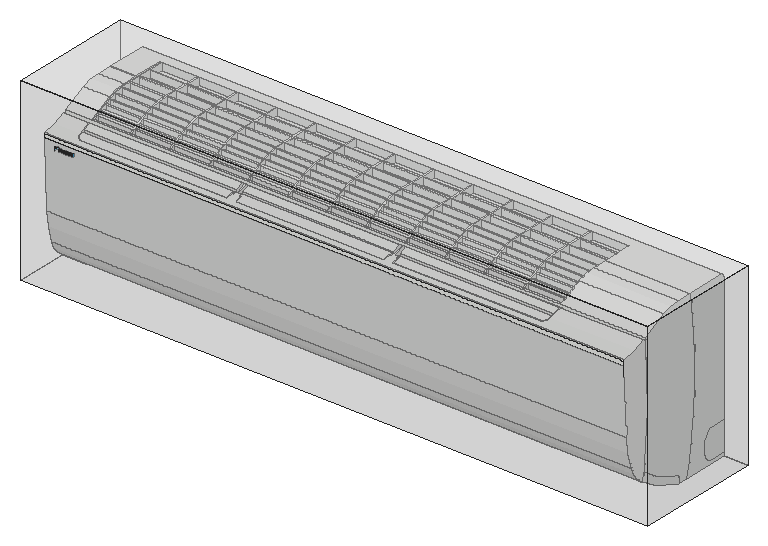
Revit family "outputfile", category 機械設備, Revit 2024
Family settings
  丸型コネクタ寸法 = 半径を使用
  パーツ タイプ = 標準
  OmniClass 番号 = 23.75.10.24.21.27.27
  OmniClass タイトル = Split System Air Conditioning Units
  作業面ベース = いいえ
  常に垂直 = はい
  ロード時にボイドで切り取り = いいえ
  注釈の向きを維持 = いいえ
  共有 = いいえ
  部屋計算ポイント = いいえ
Parameters (values of type "CTXM95RVMA")
  Description = ""
  書き出し IFC クラス(タイプ) = "IfcUnitaryEquipmentType"
  定義済み IFC タイプ(タイプ) = "AIRCONDITIONINGUNIT"
  Cost = 0
  Type Comments = ""
  Keynote = ""
  Type Image = (empty or 0)
  Assembly Code = ""
  w_wall hole = if(Width = 770.0 mm, 48.0 mm, if(Width = 990.0 mm, 60.0 mm, 89.0 mm))  # 89.0 mm
  製造元 = "Daikin"
  モデル = "CTXM95RVMA"
  switch_frequency = yes
  r_Liquid Pipe Size = Liquid Pipe Size / 2  # 3.2 mm
  r_Gas Pipe Size = Gas Pipe Size / 2  # 7.95 mm
  r_Drain Pipe Size = Drain Pipe Size / 2  # 8.0 mm
  lw_powersupply [instance] = if(Width = 770.0 mm, if(or(Rear Right Connection_refrigerant, Bottom Right Connection_refrigerant), 25.0 mm, if(or(Rear Left Connection_refrigerant, Bottom Left Connection_refrigerant), 745.0 mm, 400.0 mm)), if(Width = 990.0 mm, if(or(Rear Right Connection_refrigerant, Bottom Right Connection_refrigerant), 40.0 mm, if(or(Rear Left Connection_refrigerant, Bottom Left Connection_refrigerant), 920.0 mm, 400.0 mm)), if(Width = 1200.0 mm, if(or(Rear Right Connection_refrigerant, Bottom Right Connection_refrigerant), 89.0 mm - 19.0 mm, if(or(Rear Left Connection_refrigerant, Bottom Left Connection_refrigerant), 675.0 mm + (990.0 mm - 770.0 mm) + 145.0 mm + 22.0 mm + 89.0 mm, 400.0 mm)), if(or(Rear Right Connection_refrigerant, Bottom Right Connection_refrigerant), 89.0 mm - 19.0 mm, if(or(Rear Left Connection_refrigerant, Bottom Left Connection_refrigerant), 675.0 mm + (990.0 mm - 770.0 mm) + 145.0 mm + 22.0 mm + 89.0 mm, 400.0 mm)))))  # 400.0 mm
  lw_liquidpipe [instance] = if(Width = 770.0 mm, if(or(Rear Right Connection_refrigerant, Bottom Right Connection_refrigerant), 0.0 mm, if(or(Rear Left Connection_refrigerant, Bottom Left Connection_refrigerant), 664.0 mm, 385.0 mm)), if(Width = 990.0 mm, if(or(Rear Right Connection_refrigerant, Bottom Right Connection_refrigerant), 0.0 mm, if(or(Rear Left Connection_refrigerant, Bottom Left Connection_refrigerant), 664.0 mm + (990.0 mm - 770.0 mm), 475.0 mm)), if(Width = 1200.0 mm, if(or(Rear Right Connection_refrigerant, Bottom Right Connection_refrigerant), 0.0 mm, if(or(Rear Left Connection_refrigerant, Bottom Left Connection_refrigerant), 664.0 mm + (990.0 mm - 770.0 mm) + 145.0 mm, 460.0 mm)), if(or(Rear Right Connection_refrigerant, Bottom Right Connection_refrigerant), 0.0 mm, if(or(Rear Left Connection_refrigerant, Bottom Left Connection_refrigerant), 664.0 mm + (990.0 mm - 770.0 mm) + 145.0 mm, 460.0 mm)))))  # 460.0 mm
  lw_gaspipe [instance] = if(Width = 770.0 mm, if(or(Rear Right Connection_refrigerant, Bottom Right Connection_refrigerant), 0.0 mm, if(or(Rear Left Connection_refrigerant, Bottom Left Connection_refrigerant), 675.0 mm, if(Gas Pipe Size = 12.7 mm, 345.0 mm, 335.0 mm))), if(Width = 990.0 mm, if(or(Rear Right Connection_refrigerant, Bottom Right Connection_refrigerant), 10.0 mm, if(or(Rear Left Connection_refrigerant, Bottom Left Connection_refrigerant), 890.0 mm, if(Gas Pipe Size = 15.9 mm, 410.0 mm, 400.0 mm))), if(Width = 1200.0 mm, if(or(Rear Right Connection_refrigerant, Bottom Right Connection_refrigerant), 10.0 mm, if(or(Rear Left Connection_refrigerant, Bottom Left Connection_refrigerant), 675.0 mm + (990.0 mm - 770.0 mm) + 145.0 mm, 400.0 mm)), if(or(Rear Right Connection_refrigerant, Bottom Right Connection_refrigerant), 10.0 mm, if(or(Rear Left Connection_refrigerant, Bottom Left Connection_refrigerant), 675.0 mm + (990.0 mm - 770.0 mm) + 145.0 mm, 400.0 mm)))))  # 400.0 mm
  lw_drainpipe [instance] = if(Width = 770.0 mm, if(or(Rear Right Connection_refrigerant, Bottom Right Connection_refrigerant), 0.0 mm, if(or(Rear Left Connection_refrigerant, Bottom Left Connection_refrigerant), 770.0 mm - 48.0 mm - 48.0 mm, 440.0 mm)), if(Width = 990.0 mm, if(or(Rear Right Connection_refrigerant, Bottom Right Connection_refrigerant), 0.0 mm, if(or(Rear Left Connection_refrigerant, Bottom Left Connection_refrigerant), 675.0 mm + (990.0 mm - 770.0 mm), 435.0 mm)), if(Width = 1200.0 mm, if(or(Rear Right Connection_refrigerant, Bottom Right Connection_refrigerant), 0.0 mm, if(or(Rear Left Connection_refrigerant, Bottom Left Connection_refrigerant), 675.0 mm + (990.0 mm - 770.0 mm) + 145.0 mm, 465.0 mm)), if(or(Rear Right Connection_refrigerant, Bottom Right Connection_refrigerant), 0.0 mm, if(or(Rear Left Connection_refrigerant, Bottom Left Connection_refrigerant), 675.0 mm + (990.0 mm - 770.0 mm) + 145.0 mm, 465.0 mm)))))  # 465.0 mm
  l_powersupply_length [instance] = if(Width = 770.0 mm, if(Right Connection_refrigerant, 400.0 mm, if(Left Connection_refrigerant, 770.0 mm - 400.0 mm, if(or(Rear Left Connection_refrigerant, Rear Right Connection_refrigerant), 15.0 mm, 50.0 mm))), if(Width = 990.0 mm, if(Right Connection_refrigerant, 400.0 mm, if(Left Connection_refrigerant, 990.0 mm - 400.0 mm, if(or(Rear Left Connection_refrigerant, Rear Right Connection_refrigerant), 15.0 mm, 50.0 mm))), if(Width = 1200.0 mm, if(Right Connection_refrigerant, 400.0 mm, if(Left Connection_refrigerant, 1200.0 mm - 400.0 mm, if(or(Rear Left Connection_refrigerant, Rear Right Connection_refrigerant), 15.0 mm, 50.0 mm))), if(Right Connection_refrigerant, 400.0 mm, if(Left Connection_refrigerant, 1200.0 mm - 400.0 mm, if(or(Rear Left Connection_refrigerant, Rear Right Connection_refrigerant), 15.0 mm, 50.0 mm))))))  # 400.0 mm
  l_liquidpipe_length [instance] = if(Width = 770.0 mm, if(Right Connection_refrigerant, 433.0 mm, if(Left Connection_refrigerant, 337.0 mm, if(or(Rear Left Connection_refrigerant, Rear Right Connection_refrigerant), 30.0 mm, 40.0 mm))), if(Width = 990.0 mm, if(Right Connection_refrigerant, 535.0 mm, if(Left Connection_refrigerant, 455.0 mm, if(or(Rear Left Connection_refrigerant, Rear Right Connection_refrigerant), 30.0 mm, 40.0 mm))), if(Width = 1200.0 mm, if(Right Connection_refrigerant, 549.0 mm, if(Left Connection_refrigerant, 1200.0 mm - 549.0 mm, if(or(Rear Left Connection_refrigerant, Rear Right Connection_refrigerant), 30.0 mm, 40.0 mm))), if(Right Connection_refrigerant, 549.0 mm, if(Left Connection_refrigerant, 1200.0 mm - 549.0 mm, if(or(Rear Left Connection_refrigerant, Rear Right Connection_refrigerant), 30.0 mm, 40.0 mm))))))  # 549.0 mm
  l_gaspipe_length [instance] = if(Width = 770.0 mm, if(Right Connection_refrigerant, if(Gas Pipe Size = 12.7 mm, 393.0 mm, 383.0 mm), if(Left Connection_refrigerant, if(Gas Pipe Size = 12.7 mm, 770.0 mm - 393.0 mm, 770.0 mm - 383.0 mm), if(or(Rear Left Connection_refrigerant, Rear Right Connection_refrigerant), 40.0 mm, 50.0 mm))), if(Width = 990.0 mm, if(Right Connection_refrigerant, if(Gas Pipe Size = 15.9 mm, 470.0 mm, 460.0 mm), if(Left Connection_refrigerant, if(Gas Pipe Size = 15.9 mm, 990.0 mm - 470.0 mm, 990.0 mm - 460.0 mm), if(or(Rear Left Connection_refrigerant, Rear Right Connection_refrigerant), 40.0 mm, 50.0 mm))), if(Width = 1200.0 mm, if(Right Connection_refrigerant, 489.0 mm, if(Left Connection_refrigerant, 1200.0 mm - 489.0 mm, if(or(Rear Left Connection_refrigerant, Rear Right Connection_refrigerant), 40.0 mm, 50.0 mm))), if(Right Connection_refrigerant, 489.0 mm, if(Left Connection_refrigerant, 1200.0 mm - 489.0 mm, if(or(Rear Left Connection_refrigerant, Rear Right Connection_refrigerant), 40.0 mm, 50.0 mm))))))  # 489.0 mm
  l_drainpipe_length [instance] = if(Width = 770.0 mm, if(Right Connection_refrigerant, 488.0 mm, if(Left Connection_refrigerant, 282.0 mm, if(or(Rear Left Connection_refrigerant, Rear Right Connection_refrigerant), 15.0 mm, 20.0 mm))), if(Width = 990.0 mm, if(Right Connection_refrigerant, 495.0 mm, if(Left Connection_refrigerant, 495.0 mm, if(or(Rear Left Connection_refrigerant, Rear Right Connection_refrigerant), 15.0 mm, 20.0 mm))), if(Width = 1200.0 mm, if(Right Connection_refrigerant, 554.0 mm, if(Left Connection_refrigerant, 1200.0 mm - 554.0 mm, if(or(Rear Left Connection_refrigerant, Rear Right Connection_refrigerant), 15.0 mm, 20.0 mm))), if(Right Connection_refrigerant, 554.0 mm, if(Left Connection_refrigerant, 1200.0 mm - 554.0 mm, if(or(Rear Left Connection_refrigerant, Rear Right Connection_refrigerant), 15.0 mm, 20.0 mm))))))  # 554.0 mm
  h*** = 0.0 mm  # constant formula
  connector_voltage = Voltage_50Hz  # 230 V
  connector_powerinput = if([Power Input (Cooling)] > [Power Input (Heating)], [Power Input (Cooling)], [Power Input (Heating)])  # 0.000 kW
  connector_phase = Phase_50Hz  # 1
  angle_vertical [instance] = if(or(Bottom Left Connection_refrigerant, Bottom Right Connection_refrigerant), 0.00°, 90.00°)  # 90.00°
  angle_horizontal [instance] = if(Right Connection_refrigerant, 90.00°, if(Left Connection_refrigerant, -90.00°, if(or(Rear Left Connection_refrigerant, Rear Right Connection_refrigerant), 180.00°, 0.00°)))  # 90.00°
  Width = 1200.0 mm
  Voltage_comment_50Hz = "220 - 240"
  Voltage_50Hz = 230 V
  Version = "ver.1.0"
  Unit Type = "Wall Mounted"
  Unit Mass Weight = 18.00 kg
  Unit Designation [instance] = ""
  Uniclass2015Version = "Products v1.30"
  Uniclass2015Title = "Split coil room air conditioning units"
  Uniclass2015Code = "Pr_70_65_03_86"
  URL = ""
  Total Heating Capacity [instance] = 0.000 kW
  Total Cooling Capacity [instance] = 0.000 kW
  Sound Pressure Level_M speed (dBA) = 48
  Sound Pressure Level_L speed (dBA) = 42
  Sound Pressure Level_H speed (dBA) = 53
  Sound Power Level_H speed (dB) = 0
  Series = "Multi Split_Fan Coil Unit"
  Sensible Cooling Capacity [instance] = 0.000 kW
  Refrigerant Type = "R32"
  Power Input (Heating) = 0.000 kW
  Power Input (Cooling) = 0.000 kW
  Phase_50Hz = 1
  Option Accessory 3 [instance] = ""
  Option Accessory 2 [instance] = ""
  Option Accessory 1 [instance] = ""
  Nominal Heating Capacity = 10.200 kW
  Nominal Cooling Capacity = 9.500 kW
  Minimum Circuit Amps_50Hz = 0.0 A
  Minimum Airflow = 1010.00 m³/h
  Median Airflow = 1220.00 m³/h
  Maximum Fuse Amps_50Hz = 0.0 A
  Maximum Airflow = 1440.00 m³/h
  Material_Casing = DAIKIN_White_Casing_indoorunit
  Load Classification = HVAC
  Liquid Pipe Size = 6.4 mm
  Link_Nested Family [instance] = ""
  IfcVersion = ""
  IfcExportType = "AIRCONDITIONINGUNIT"
  IfcExportAs = "IfcUnitaryEquipmentType"
  Height = 340.0 mm
  Heating Entering Wet Bulb Temperature [instance] = 0.00 °C
  Heating Entering Dry Bulb Temperature [instance] = 0.00 °C
  Heating Ambient Wet Bulb Temperature [instance] = 0.00 °C
  Heating Ambient Dry Bulb Temperature [instance] = 0.00 °C
  Heat Exchanger Type = "Cross Fin Coil"
  Gas Pipe Size = 15.9 mm
  Frequency_50Hz = 50 Hz
  Fan Type = "Cross Flow Fan"
  Fan Drive = "Direct Drive"
  FCU Tag No. [instance] = ""
  Drain Pipe Size = 16.0 mm
  Design Supply Airflow [instance] = 0.00 m³/h
  Depth = 259.0 mm
  既定の高さ = 0.0 mm
  Cooling Entering Wet Bulb Temperature [instance] = 0.00 °C
  Cooling Entering Dry Bulb Temperature [instance] = 0.00 °C
  Cooling Ambient Wet Bulb Temperature [instance] = 0.00 °C
  Cooling Ambient Dry Bulb Temperature [instance] = 0.00 °C
  Clearance visibility [instance] = yes
  Clearance Top = 30.0 mm
  Clearance Right = 50.0 mm
  Clearance Rear = 0.0 mm
  Clearance Left = 50.0 mm
  Clearance Front = 0.0 mm
  Clearance Bottom = 0.0 mm
  Bottom Right Connection_refrigerant [instance] = no
  Bottom Left Connection_refrigerant [instance] = no
  Rear Right Connection_refrigerant [instance] = no
  Rear Left Connection_refrigerant [instance] = no
  Right Connection_refrigerant [instance] = yes
  Left Connection_refrigerant [instance] = no
Reference planes
  plane 1 "Back": y = 0
  plane 2: z = 0
  plane 3 "Center (Left/Right)": x = 0
  plane 4 "Center (Front/Back)": y = -129.5
  plane 5 "Front": y = -259
  plane 6 "Left": x = -600
  plane 7 "Right": x = 600
  plane 8 "Top": z = 0
  plane 9 "Bottom": z = -340
  plane 10: x = -650
  plane 11: x = 650
  plane 12: y = 0
  plane 13: y = -259
  plane 14: z = 30
  plane 15: z = -340
  plane 16 "lw_Piping and Wiring intake": x = 511
  plane 17 "lw_gaspipe": x = 111
  plane 18 "lw_liquidpipe": x = 51
  plane 19 "lw_drainpipe": x = 46
  plane 20 "lh_drainpipe": z = -320
  plane 21 "lh_liquidpipe": z = -300
  plane 22 "lh_gaspipe": z = -290
  plane 23 "ld_drainpipe": y = -15
  plane 24 "ld_liquidpipe": y = -30
  plane 25 "ld_gaspipe": y = -40
  plane 26 "lw_powersupply": x = 200
Dimensions and locks
  equal spacing: plane 6 "Left", plane 3 "Center (Left/Right)", plane 7 "Right"
  "Width": plane 6 "Left" to plane 7 "Right"
  equal spacing: plane 5 "Front", plane 4 "Center (Front/Back)", plane 1 "Back"
  "Depth": plane 5 "Front" to plane 1 "Back"
  "Height": plane 8 "Top" to plane 9 "Bottom"
  "Clearance Rear": plane 12 to plane 1 "Back"
  "Clearance Front": plane 13 to plane 5 "Front"
  "Clearance Top": plane 14 to plane 8 "Top"
  "Clearance Bottom": plane 9 "Bottom" to plane 15
  "w_wall hole": plane 16 "lw_Piping and Wiring intake" to plane 7 "Right"
  "lw_gaspipe": plane 17 "lw_gaspipe" to plane 16 "lw_Piping and Wiring intake"
  "lw_liquidpipe": plane 18 "lw_liquidpipe" to plane 16 "lw_Piping and Wiring intake"
  "lw_drainpipe": plane 19 "lw_drainpipe" to plane 16 "lw_Piping and Wiring intake"
  locked: plane 20 "lh_drainpipe" to plane 9 "Bottom" at 20
  locked: plane 21 "lh_liquidpipe" to plane 9 "Bottom" at 40
  locked: plane 22 "lh_gaspipe" to plane 9 "Bottom" at 50
  locked: plane 23 "ld_drainpipe" to plane 1 "Back" at 15
  locked: plane 1 "Back" to plane 24 "ld_liquidpipe" at 30
  locked: plane 1 "Back" to plane 25 "ld_gaspipe" at 40
  "lw_powersupply": plane 26 "lw_powersupply" to plane 7 "Right"
  "Clearance Right": plane 7 "Right" to plane 11
  "Clearance Left": plane 10 to plane 6 "Left"
  aligned and locked: level to plane 2
  aligned and locked: plane 12 to nested 1
  aligned and locked: nested 1 to plane 13
  aligned and locked: plane 10 to nested 1
  aligned and locked: plane 11 to nested 1
  aligned and locked: plane 15 to nested 1
  aligned and locked: plane 14 to nested 1
  aligned and locked: plane 17 "lw_gaspipe" to nested 2
  aligned and locked: nested 2 to plane 25 "ld_gaspipe"
  aligned and locked: plane 18 "lw_liquidpipe" to nested 3
  aligned and locked: nested 3 to plane 24 "ld_liquidpipe"
  aligned and locked: plane 19 "lw_drainpipe" to nested 4
  aligned and locked: nested 4 to plane 23 "ld_drainpipe"
  aligned and locked: nested 5 to plane 23 "ld_drainpipe"
  aligned and locked: plane 26 "lw_powersupply" to nested 5
  aligned and locked: level to plane 8 "Top"
  aligned and locked: plane 3 "Center (Left/Right)" to nested 6
  aligned and locked: plane 1 "Back" to nested 6
  aligned and locked: plane 8 "Top" to nested 6
Nested families
  nested 1: "daikin_clearancespace" at (0, -129.5, -154.881), show <- "Clearance visibility", visible <- "Clearance visibility", Link_Nested Family <- "Link_Nested Family", type "daikin_clearancespace"
    with width 1300.0 mm, show yes, height 370.0 mm, depth 259.0 mm, Link_Nested Family ""
  nested 2: "daikin_connector_rotate3" at (111, -40, -290), angle_vertical <- "angle_vertical", angle_horizontal <- "angle_horizontal", length <- "l_gaspipe_length", radius <- "r_Gas Pipe Size", type "daikin_connector_rotate3"
    with show no, radius 7.95 mm, length 489.0 mm, angle_vertical 90.00°, angle_horizontal 90.00°
  nested 3: "daikin_connector_rotate3" at (51, -30, -300), angle_vertical <- "angle_vertical", angle_horizontal <- "angle_horizontal", radius <- "r_Liquid Pipe Size", length <- "l_liquidpipe_length", type "daikin_connector_rotate3"
    with show no, radius 3.2 mm, length 549.0 mm, angle_vertical 90.00°, angle_horizontal 90.00°
  nested 4: "daikin_connector_rotate3" at (46, -15, -320), angle_vertical <- "angle_vertical", angle_horizontal <- "angle_horizontal", length <- "l_drainpipe_length", radius <- "r_Drain Pipe Size", type "daikin_connector_rotate3"
    with show no, radius 8.0 mm, length 554.0 mm, angle_vertical 90.00°, angle_horizontal 90.00°
  nested 5: "daikin_connector_rotate3" at (200, -15, -290), angle_vertical <- "angle_vertical", angle_horizontal <- "angle_horizontal", length <- "l_powersupply_length", type "daikin_connector_rotate3"
    with show no, radius 10.0 mm, length 400.0 mm, angle_vertical 90.00°, angle_horizontal 90.00°
  nested 6: "DAIKIN_indoorunit_CTXM-RVMA" at (-31, 0, 0), type "CTXM-RVMA"
    with switch_unit1_85-95 yes, switch_unit1_20-46 no, Width 1200.0 mm, WALL HOLE_L 65.0 mm, WALL HOLE_H 45.0 mm, WALL HOLE-R 89.0 mm, WALL HOLE Size 80.0 mm, Height 340.0 mm
Connectors
  piping at (600, -40, -290), diameter 15.9, driven by "r_Gas Pipe Size"
    settings: on nested 2, index 1, connector inside diameter 609.6 mm, connector length 0.0 mm, flow factor 0, pipe flow 0.00 m³/h, pressure drop 0.0 Pa, fitting loss kfactor 0, connector angle 0.00°, fixture units 0, engagement length 0.0 mm, angle of deflection 0.00°, flow configuration 1, flow direction 2, fitting loss method 0, system type 29, joint type 0, gender type 0, connector reference index -1, connector utility 0, adjustable connector no, is connector primary yes, connector description "Refrigerant Gas Piping"
  piping at (600, -30, -300), diameter 6.4, driven by "r_Liquid Pipe Size"
    settings: on nested 3, index 2, connector inside diameter 609.6 mm, connector length 0.0 mm, flow factor 0, pipe flow 0.00 m³/h, pressure drop 0.0 Pa, fitting loss kfactor 0, connector angle 0.00°, fixture units 0, engagement length 0.0 mm, angle of deflection 0.00°, flow configuration 1, flow direction 1, fitting loss method 0, system type 29, joint type 0, gender type 0, connector reference index -1, connector utility 0, adjustable connector no, is connector primary no, connector description "Refrigerant Liquid Piping"
  piping at (600, -15, -320), diameter 16, driven by "r_Drain Pipe Size"
    settings: on nested 4, index 3, connector inside diameter 609.6 mm, connector length 0.0 mm, flow factor 0, pipe flow 0.00 m³/h, pressure drop 0.0 Pa, fitting loss kfactor 0, connector angle 0.00°, fixture units 0, engagement length 0.0 mm, angle of deflection 0.00°, flow configuration 1, flow direction 2, fitting loss method 4, system type 16, joint type 0, gender type 0, connector reference index -1, connector utility 0, adjustable connector no, is connector primary no, connector description "Condensate Drain Piping"
  electrical at (600, -15, -290), driven by "Load Classification", driven by "connector_voltage", driven by "connector_phase", driven by "connector_powerinput"
    settings: on nested 5, index 4, voltage 230 V, apparent load 0 VA, apparent load phase1 0 VA, apparent load phase2 0 VA, apparent load phase3 0 VA, power factor 1, load classification "HVAC", number of poles 1, system type 30, power factor state 1, is connector primary yes, connector utility no, sub classification motor no, connector description "Power Supply"
Definition of nested family "daikin_clearancespace"
  Parameters (values of type "daikin_clearancespace")
    Description = "daikin_clearancespace"
    width [instance] = 1823.963 mm
    show [instance] = yes
    material = none
    height [instance] = 1359.762 mm
    depth [instance] = 880.0 mm
    Default Elevation = 0.0 mm
    Link_Nested Family [instance] = ""
  Reference planes
    plane 1 "Center (Front/Back)": y = 0
    plane 2 "Center (Elevation)": z = -0.119
    plane 3 "Center (Left/Right)": x = 0
    plane 4: y = 440
    plane 5: y = -440
    plane 6 "Right": x = 911.982
    plane 7 "Left": x = -911.982
    plane 8 "Top": z = 679.762
    plane 9 "Bottom": z = -680
  Forms (mm)
    Extrusion 1, solid, material <- "material", visible <- "show"
      sketch origin (0, 0, 0) x (1, 0, 0) y (0, 1, 0)
        loop
          line (-911.982, 440) -> (-911.982, -440) -> (911.982, -440) -> (911.982, 440) -> (-911.982, 440)
      from -680 to 679.762
  Lines and regions (mm)
    symbolic lines, visible <- "show"
      curve 1: line (911.982, 440, 0) -> (-911.982, 440, 0)
      curve 2: line (-911.982, 440, 0) -> (-911.982, -440, 0)
      curve 3: line (-911.982, -440, 0) -> (911.982, -440, 0)
      curve 4: line (911.982, -440, 0) -> (911.982, 440, 0)
      curve 5: line (911.982, 0, 679.762) -> (-911.982, 0, 679.762)
      curve 6: line (911.982, 0, -680) -> (911.982, 0, 679.762)
      curve 7: line (-911.982, 0, -680) -> (911.982, 0, -680)
      curve 8: line (-911.982, 0, 679.762) -> (-911.982, 0, -680)
      curve 9: line (0, 440, 679.762) -> (0, -440, 679.762)
      curve 10: line (0, -440, 679.762) -> (0, -440, -680)
      curve 11: line (0, 440, -680) -> (0, 440, 679.762)
      curve 12: line (0, -440, -680) -> (0, 440, -680)
  Dimensions and locks
    "width": plane 7 "Left" to plane 6 "Right"
    "depth": plane 4 to plane 5
    "height": plane 8 "Top" to plane 9 "Bottom"
    equal spacing: plane 7 "Left", plane 3 "Center (Left/Right)", plane 6 "Right"
    equal spacing: plane 4, plane 1 "Center (Front/Back)", plane 5
    equal spacing: plane 8 "Top", plane 2 "Center (Elevation)", plane 9 "Bottom"
    aligned and locked: level to plane 2 "Center (Elevation)"
    aligned and locked: Extrusion 1 sketch curve to plane 4
    aligned and locked: plane 7 "Left" to Extrusion 1 sketch curve
    aligned and locked: Extrusion 1 sketch curve to plane 5
    aligned and locked: Extrusion 1 sketch curve to plane 6 "Right"
    aligned and locked: plane 8 "Top" to Extrusion 1
    aligned and locked: curve 1 to Extrusion 1
    aligned and locked: curve 2 to Extrusion 1
    aligned and locked: curve 3 to Extrusion 1
    aligned and locked: curve 4 to Extrusion 1
    aligned and locked: curve 5 to Extrusion 1
    aligned and locked: curve 6 to Extrusion 1
    aligned and locked: curve 7 to Extrusion 1
    aligned and locked: curve 8 to Extrusion 1
    aligned and locked: curve 9 to Extrusion 1
    aligned and locked: curve 10 to Extrusion 1
    aligned and locked: curve 11 to Extrusion 1
    aligned and locked: curve 12 to Extrusion 1
    aligned and locked: Extrusion 1 to plane 9 "Bottom"
Definition of nested family "DAIKIN_indoorunit_CTXM-RVMA"
  Parameters (values of type "CTXM-RVMA")
    switch_unit1_85-95 = Width = 1200.0 mm  # no
    switch_unit1_50-71 = Width = 990.0 mm  # no
    switch_unit1_20-46 = Width = 770.0 mm  # yes
    Width = 770.0 mm
    WALL HOLE_L = if(Width = 1200.0 mm, 65.0 mm, 48.0 mm)  # 48.0 mm
    WALL HOLE_H = if(Width = 1200.0 mm, 45.0 mm, 44.5 mm)  # 44.5 mm
    WALL HOLE-R = if(Width = 770.0 mm, 48.0 mm, if(Width = 990.0 mm, 60.0 mm, 89.0 mm))  # 48.0 mm
    WALL HOLE Size = if(Width = 770.0 mm, 65.0 mm, 80.0 mm)  # 65.0 mm
    Material_Casing = none
    Height = if(Width = 770.0 mm, 285.0 mm, if(Width = 990.0 mm, 295.0 mm, 340.0 mm))  # 285.0 mm
    Default Elevation = 0.0 mm
  Reference planes
    plane 1 "Center (Front/Back)": y = 0
    plane 2 "reference_level": z = 0
    plane 3 "Center (Left/Right)": x = 31
    plane 4: x = -354
    plane 5: x = 416
    plane 6: z = -285
  Forms (mm)
    Extrusion 1, solid, material <- "Material_Casing", visible <- "switch_unit1_20-46"
      sketch origin (29, 0, 0) x (0, 1, 0) y (0, 0, 1)
        loop
          line (-5, 0) -> (-98, 0)
          arc (-98, 0) -> (-157.611, -7.211) -> (-213.783, -28.427) r 250
          arc (-213.783, -28.427) -> (-213.842, -32.972) -> (-213.892, -37.516) r 2191
          arc (-213.892, -37.516) -> (-157.832, -15.495) -> (-98.07, -8) r 242
          line (-98.07, -8) -> (0, -8) -> (-5, 0)
      from -383 to 387
    Extrusion 2, solid, material <- "Material_Casing", visible <- "switch_unit1_20-46"
      sketch origin (416, 1296.25, 1200) x (0, 1, 0) y (0, 0, 1)
        loop
          line (-1472.998, -1446.91) -> (-1476.998, -1453.839)
          arc (-1476.998, -1453.839) -> (-1437.481, -1472.422) -> (-1395.25, -1483.538) r 240
          line (-1395.25, -1483.538) -> (-1395.25, -1475.422)
          arc (-1395.25, -1475.422) -> (-1435.407, -1464.663) -> (-1472.998, -1446.91) r 232
      from 0 to -47.5
    Extrusion 3, solid, material <- "Material_Casing", visible <- "switch_unit1_20-46"
      sketch origin (29, 0, 0) x (0, 1, 0) y (0, 0, 1)
        loop
          arc (-223, -60.455) -> (-222.414, -110.646) -> (-220.656, -160.81) r 2149.92
          arc (-220.656, -160.81) -> (-219.65, -174.299) -> (-217.853, -187.706) r 229.911
          arc (-217.853, -187.706) -> (-205.371, -223.594) -> (-181.517, -253.17) r 111
          line (-181.517, -253.17) -> (-177.429, -246.093)
          arc (-177.429, -246.093) -> (-198.77, -218.989) -> (-209.965, -186.36) r 103
          arc (-209.965, -186.36) -> (-211.681, -173.586) -> (-212.651, -160.735) r 221.844
          arc (-212.651, -160.735) -> (-214.739, -93.233) -> (-214.74, -25.699) r 2186.828
          arc (-214.74, -25.699) -> (-214.671, -21.467) -> (-214.594, -17.235) r 2192
          line (-214.594, -17.235) -> (-223, -19.961) -> (-223, -60.455)
      from -383 to 387
    Extrusion 4, solid, material <- "Material_Casing", visible <- "switch_unit1_20-46"
      sketch origin (29, 0, 0) x (0, 1, 0) y (0, 0, 1)
        loop
          line (-181.517, -253.17) -> (-179.597, -249.846)
          arc (-179.597, -249.846) -> (-202.009, -221.399) -> (-213.189, -186.952) r 103
          line (-213.189, -186.952) -> (-217.853, -187.706)
          arc (-217.853, -187.706) -> (-217.533, -189.556) -> (-217.182, -191.4) r 111
          arc (-217.182, -191.4) -> (-213.806, -208.181) -> (-210.362, -224.948) r 4257.809
          arc (-210.362, -224.948) -> (-198.886, -237.857) -> (-186.225, -249.607) r 180
          line (-186.225, -249.607) -> (-181.517, -253.17)
      from -383 to 387
    Extrusion 5, solid, material <- "Material_Casing", visible <- "switch_unit1_20-46"
      sketch origin (29, 0, -20) x (0, 1, 0) y (0, 0, 1)
        loop
          line (0, -265) -> (0, 12) -> (-98.07, 12)
          arc (-98.07, 12) -> (-157.832, 4.505) -> (-213.892, -17.516) r 242
          arc (-213.892, -17.516) -> (-213.638, -79.114) -> (-211.653, -140.681) r 2191
          arc (-211.653, -140.681) -> (-210.685, -153.501) -> (-208.973, -166.243) r 221
          arc (-208.973, -166.243) -> (-197.471, -199.282) -> (-175.482, -226.491) r 102
          arc (-175.482, -226.491) -> (-138.004, -244.019) -> (-98, -254.579) r 231
          line (-98, -254.579) -> (-98, -265) -> (0, -265)
      from -383 to 387
    Extrusion 6, solid, material <- "Material_Casing", visible <- "switch_unit1_20-46"
      sketch origin (-354, 1296.25, 1200) x (0, 1, 0) y (0, 0, 1)
        loop
          line (-1472.998, -1446.91) -> (-1476.998, -1453.839)
          arc (-1476.998, -1453.839) -> (-1437.481, -1472.422) -> (-1395.25, -1483.538) r 240
          line (-1395.25, -1483.538) -> (-1395.25, -1475.422)
          arc (-1395.25, -1475.422) -> (-1435.407, -1464.663) -> (-1472.998, -1446.91) r 232
      from 47 to 0
    Extrusion 7, solid, material <- "Material_Casing", visible <- "switch_unit1_20-46"
      sketch origin (416, 1296.25, 1200) x (0, 1, 0) y (0, 0, 1)
        loop
          line (-1472.998, -1446.91) -> (-1476.998, -1453.839)
          arc (-1476.998, -1453.839) -> (-1443.437, -1470.168) -> (-1407.75, -1481.097) r 240
          line (-1407.75, -1481.097) -> (-1407.75, -1472.894)
          arc (-1407.75, -1472.894) -> (-1441.363, -1462.385) -> (-1472.998, -1446.91) r 232
      from -116.993 to -48.493
    Extrusion 8, solid, material <- "Material_Casing", visible <- "switch_unit1_20-46"
      sketch origin (416, 1296.25, 1200) x (0, 1, 0) y (0, 0, 1)
        loop
          line (-1472.998, -1446.91) -> (-1476.998, -1453.839)
          arc (-1476.998, -1453.839) -> (-1443.437, -1470.168) -> (-1407.75, -1481.097) r 240
          line (-1407.75, -1481.097) -> (-1407.75, -1472.894)
          arc (-1407.75, -1472.894) -> (-1441.363, -1462.385) -> (-1472.998, -1446.91) r 232
      from -717 to -121.993
    Extrusion 9, void
      sketch origin (31, 0, -235) x (1, 0, 0) y (0, 1, 0)
        loop
          line (-252.674, -22.316) -> (-354.941, -22.316) -> (-354.941, -91.341) -> (-252.674, -91.341) -> (-252.674, -22.316)
        loop
          line (-249.341, -91.341) -> (-151.574, -91.341) -> (-151.574, -22.316) -> (-249.341, -22.316) -> (-249.341, -91.341)
        loop
          line (58.309, -22.316) -> (-148.309, -22.316) -> (-148.309, -91.341) -> (58.309, -91.341) -> (58.309, -22.316)
        loop
          line (61.689, -22.316) -> (61.689, -91.341) -> (159.457, -91.341) -> (159.457, -22.316) -> (61.689, -22.316)
        loop
          line (162.789, -22.316) -> (162.789, -91.341) -> (265.057, -91.341) -> (265.057, -22.316) -> (162.789, -22.316)
        loop
          line (-354.941, -94.659) -> (-354.941, -165.259) -> (-252.674, -165.259) -> (-252.674, -94.659) -> (-354.941, -94.659)
        loop
          line (-249.341, -94.659) -> (-249.341, -165.259) -> (-151.574, -165.259) -> (-151.574, -94.659) -> (-249.341, -94.659)
        loop
          line (-148.309, -94.659) -> (-148.309, -165.259) -> (58.309, -165.259) -> (58.309, -94.659) -> (-148.309, -94.659)
        loop
          line (61.689, -94.659) -> (61.689, -165.259) -> (159.457, -165.259) -> (159.457, -94.659) -> (61.689, -94.659)
        loop
          line (162.789, -94.659) -> (162.789, -165.259) -> (265.057, -165.259) -> (265.057, -94.659) -> (162.789, -94.659)
        loop
          line (-354.941, -167.382) -> (-354.941, -192.681) -> (-252.674, -192.681) -> (-252.674, -167.382) -> (-354.941, -167.382)
        loop
          line (-249.341, -167.382) -> (-249.341, -192.681) -> (-151.574, -192.681) -> (-151.574, -167.382) -> (-249.341, -167.382)
        loop
          line (-148.309, -167.382) -> (-148.309, -192.681) -> (58.309, -192.681) -> (58.309, -167.382) -> (-148.309, -167.382)
        loop
          line (159.457, -167.382) -> (61.689, -167.382) -> (61.689, -192.681) -> (159.457, -192.681) -> (159.457, -167.382)
        loop
          line (265.057, -167.382) -> (162.789, -167.382) -> (162.789, -192.681) -> (265.057, -192.681) -> (265.057, -167.382)
      from 201.638 to 250
    Extrusion 10, void
      sketch origin (31, 0, 0) x (1, 0, 0) y (0, 0, 1)
        loop
          arc (597, -174.907) -> (0.056, -245.263) -> (-597, -175.856) r 2585.042
          line (-597, -175.856) -> (-597, -352.872) -> (597, -352.872) -> (597, -174.907)
      from 173 to 315.3
    Extrusion 11, solid, material <- "Material_Casing"
      sketch origin (31, 0, 0) x (1, 0, 0) y (0, 0, 1)
        loop
          circle (337, -240.5) r 32.5
        loop
          circle (-337, -240.5) r 32.5
      from 0 to 5
    Extrusion 12, solid, material <- "Material_Casing", visible <- "switch_unit1_20-46"
      sketch origin (416, 1296.25, 1200) x (0, -1, 0) y (0, 0, 1)
        loop
          line (1326.25, -1417) -> (1296.25, -1417) -> (1296.25, -1477) -> (1326.25, -1477)
          arc (1326.25, -1477) -> (1340.393, -1471.142) -> (1346.25, -1457) r 20
          line (1346.25, -1457) -> (1346.25, -1437)
          arc (1346.25, -1437) -> (1340.393, -1422.858) -> (1326.25, -1417) r 20
      from 0 to 5
    Extrusion 13, solid, material <- "Material_Casing", visible <- "switch_unit1_20-46"
      sketch origin (-354, 1296.25, 1200) x (0, 1, 0) y (0, 0, 1)
        loop
          line (-1296.25, -1417) -> (-1326.25, -1417)
          arc (-1326.25, -1417) -> (-1340.393, -1422.858) -> (-1346.25, -1437) r 20
          line (-1346.25, -1437) -> (-1346.25, -1457)
          arc (-1346.25, -1457) -> (-1340.393, -1471.142) -> (-1326.25, -1477) r 20
          line (-1326.25, -1477) -> (-1296.25, -1477) -> (-1296.25, -1417)
      from 0 to 5
    Extrusion 14, solid, material <- "Material_Casing", visible <- "switch_unit1_20-46"
      sketch origin (31, 0, -285) x (-1, 0, 0) y (0, -1, 0)
        loop
          line (-314, 0) -> (-314, 30)
          arc (-314, 30) -> (-319.858, 44.142) -> (-334, 50) r 20
          line (-334, 50) -> (-354, 50)
          arc (-354, 50) -> (-368.142, 44.142) -> (-374, 30) r 20
          line (-374, 30) -> (-374, 0) -> (-314, 0)
        loop
          line (374, 0) -> (374, 30)
          arc (374, 30) -> (368.142, 44.142) -> (354, 50) r 20
          line (354, 50) -> (334, 50)
          arc (334, 50) -> (319.858, 44.142) -> (314, 30) r 20
          line (314, 30) -> (314, 0) -> (374, 0)
      from 0 to 5
    Extrusion 15, solid, material <- "Material_Casing", visible <- "switch_unit1_50-71"
      sketch origin (31, 0, 0) x (0, 1, 0) y (0, 0, 1)
        loop
          line (-5, 0) -> (-138, 0)
          arc (-138, 0) -> (-197.611, -7.211) -> (-253.783, -28.427) r 250
          arc (-253.783, -28.427) -> (-253.838, -32.687) -> (-253.886, -36.946) r 2191
          arc (-253.886, -36.946) -> (-197.73, -15.346) -> (-138.014, -8) r 246.393
          line (-138.014, -8) -> (0, -8) -> (-5, 0)
      from -495 to 495
    Extrusion 16, solid, material <- "Material_Casing", visible <- "switch_unit1_50-71"
      sketch origin (418, 1296.25, 1200) x (0, 1, 0) y (0, 0, 1)
        loop
          arc (-1515.208, -1454.149) -> (-1506.856, -1460.599) -> (-1497.925, -1466.219) r 110
          arc (-1497.925, -1466.219) -> (-1445.718, -1487.493) -> (-1389.844, -1494.995) r 223
          line (-1389.844, -1494.995) -> (-1389.844, -1486.086) -> (-1404.386, -1486.086)
          arc (-1404.386, -1486.086) -> (-1449.542, -1477.46) -> (-1491.818, -1459.402) r 214.289
          arc (-1491.818, -1459.402) -> (-1501.056, -1453.541) -> (-1509.606, -1446.715) r 101
          line (-1509.606, -1446.715) -> (-1515.208, -1454.149)
      from 108 to 57.5
    Extrusion 17, solid, material <- "Material_Casing", visible <- "switch_unit1_50-71"
      sketch origin (31, 0, 0) x (0, 1, 0) y (0, 0, 1)
        loop
          line (-263, -19.962) -> (-263, -61.6)
          arc (-263, -61.6) -> (-262.414, -110.219) -> (-260.656, -158.81) r 2017.341
          arc (-260.656, -158.81) -> (-255.648, -191.935) -> (-244.041, -223.362) r 164.725
          arc (-244.041, -223.362) -> (-233.569, -239.793) -> (-219.717, -253.495) r 87.379
          line (-219.717, -253.495) -> (-214.706, -246.846)
          arc (-214.706, -246.846) -> (-229.564, -230.029) -> (-240.385, -210.371) r 102
          arc (-240.385, -210.371) -> (-249.049, -182.962) -> (-252.848, -154.467) r 165.789
          arc (-252.848, -154.467) -> (-254.771, -90.102) -> (-254.74, -25.708) r 2122.533
          arc (-254.74, -25.708) -> (-254.671, -21.469) -> (-254.594, -17.23) r 2192
          line (-254.594, -17.23) -> (-263, -19.962)
      from -495 to 495
    Extrusion 18, void
      sketch origin (33, 0, 0) x (1, 0, 0) y (0, 1, 0)
        loop
          line (-466.909, -22.316) -> (-466.909, -111.341) -> (-366.303, -111.341) -> (-366.303, -22.316) -> (-466.909, -22.316)
        loop
          line (-362.71, -22.316) -> (-362.71, -111.341) -> (-262.103, -111.341) -> (-262.103, -22.316) -> (-362.71, -22.316)
        loop
          line (-258.51, -22.316) -> (-258.51, -111.341) -> (-157.904, -111.341) -> (-157.904, -22.316) -> (-258.51, -22.316)
        loop
          line (-154.31, -22.316) -> (-154.31, -111.341) -> (-53.704, -111.341) -> (-53.704, -22.316) -> (-154.31, -22.316)
        loop
          line (-50.11, -22.316) -> (-50.11, -111.341) -> (50.496, -111.341) -> (50.496, -22.316) -> (-50.11, -22.316)
        loop
          line (54.089, -22.316) -> (54.089, -111.341) -> (154.696, -111.341) -> (154.696, -22.316) -> (54.089, -22.316)
        loop
          line (158.289, -22.316) -> (158.289, -111.341) -> (258.895, -111.341) -> (258.895, -22.316) -> (158.289, -22.316)
        loop
          line (262.489, -22.316) -> (262.489, -111.341) -> (363.095, -111.341) -> (363.095, -22.316) -> (262.489, -22.316)
        loop
          line (-466.909, -114.459) -> (-466.909, -185.059) -> (-366.303, -185.059) -> (-366.303, -114.459) -> (-466.909, -114.459)
        loop
          line (-362.71, -114.459) -> (-362.71, -185.059) -> (-262.103, -185.059) -> (-262.103, -114.459) -> (-362.71, -114.459)
        loop
          line (-258.51, -114.459) -> (-258.51, -185.059) -> (-157.904, -185.059) -> (-157.904, -114.459) -> (-258.51, -114.459)
        loop
          line (-154.31, -114.459) -> (-154.31, -185.059) -> (-53.704, -185.059) -> (-53.704, -114.459) -> (-154.31, -114.459)
        loop
          line (-50.11, -114.459) -> (-50.11, -185.059) -> (50.496, -185.059) -> (50.496, -114.459) -> (-50.11, -114.459)
        loop
          line (54.089, -114.459) -> (54.089, -185.059) -> (154.696, -185.059) -> (154.696, -114.459) -> (54.089, -114.459)
        loop
          line (158.289, -114.459) -> (158.289, -185.059) -> (258.895, -185.059) -> (258.895, -114.459) -> (158.289, -114.459)
        loop
          line (262.489, -114.459) -> (262.489, -185.059) -> (363.095, -185.059) -> (363.095, -114.459) -> (262.489, -114.459)
        loop
          line (-466.909, -187.382) -> (-466.909, -232.681) -> (-366.303, -232.681) -> (-366.303, -187.382) -> (-466.909, -187.382)
        loop
          line (-362.71, -187.382) -> (-362.71, -232.681) -> (-262.103, -232.681) -> (-262.103, -187.382) -> (-362.71, -187.382)
        loop
          line (-258.51, -187.382) -> (-258.51, -232.681) -> (-157.904, -232.681) -> (-157.904, -187.382) -> (-258.51, -187.382)
        loop
          line (-154.31, -187.382) -> (-154.31, -232.681) -> (-53.704, -232.681) -> (-53.704, -187.382) -> (-154.31, -187.382)
        loop
          line (-50.11, -187.382) -> (-50.11, -232.681) -> (50.496, -232.681) -> (50.496, -187.382) -> (-50.11, -187.382)
        loop
          line (54.089, -187.382) -> (54.089, -232.681) -> (154.696, -232.681) -> (154.696, -187.382) -> (54.089, -187.382)
        loop
          line (158.289, -187.382) -> (158.289, -232.681) -> (258.895, -232.681) -> (258.895, -187.382) -> (158.289, -187.382)
        loop
          line (262.489, -187.382) -> (262.489, -232.681) -> (363.095, -232.681) -> (363.095, -187.382) -> (262.489, -187.382)
      from -40.013 to 47.268
    Extrusion 19, void
      sketch origin (33, 0, 2300) x (1, 0, 0) y (0, 0, 1)
        loop
          line (705, -2672.872) -> (705, -2462.4)
          arc (705, -2462.4) -> (-2.043, -2534.819) -> (-709, -2461.567) r 3467.757
          line (-709, -2461.567) -> (-709, -2672.872) -> (705, -2672.872)
      from 173 to 315.3
    Extrusion 20, solid, material <- "Material_Casing", visible <- "switch_unit1_50-71"
      sketch origin (-356, 1296.25, 1200) x (0, 1, 0) y (0, 0, -1)
        loop
          line (-1515.208, 1454.149) -> (-1509.606, 1446.715)
          arc (-1509.606, 1446.715) -> (-1501.056, 1453.541) -> (-1491.818, 1459.402) r 101
          arc (-1491.818, 1459.402) -> (-1449.542, 1477.46) -> (-1404.386, 1486.086) r 214.289
          line (-1404.386, 1486.086) -> (-1389.844, 1486.086) -> (-1389.844, 1494.995)
          arc (-1389.844, 1494.995) -> (-1445.718, 1487.493) -> (-1497.925, 1466.219) r 223
          arc (-1497.925, 1466.219) -> (-1506.856, 1460.599) -> (-1515.208, 1454.149) r 110
      from 108 to 61
    Extrusion 21, solid, material <- "Material_Casing", visible <- "switch_unit1_50-71"
      sketch origin (418, 1296.25, 1200) x (0, 1, 0) y (0, 0, 1)
        loop
          arc (-1515.208, -1454.149) -> (-1506.856, -1460.599) -> (-1497.925, -1466.219) r 110
          arc (-1497.925, -1466.219) -> (-1463.185, -1482.066) -> (-1426.25, -1491.755) r 223
          line (-1426.25, -1491.755) -> (-1426.25, -1483.166)
          arc (-1426.25, -1483.166) -> (-1460.008, -1473.969) -> (-1491.818, -1459.402) r 214.289
          arc (-1491.818, -1459.402) -> (-1501.056, -1453.541) -> (-1509.606, -1446.715) r 101
          line (-1509.606, -1446.715) -> (-1515.208, -1454.149)
      from 56.5 to -36.993
    Extrusion 22, solid, material <- "Material_Casing", visible <- "switch_unit1_50-71"
      sketch origin (418, 1296.25, 1200) x (0, 1, 0) y (0, 0, 1)
        loop
          arc (-1426.25, -1483.166) -> (-1443.442, -1479.224) -> (-1460.25, -1473.881) r 214.289
          line (-1460.25, -1473.881) -> (-1460.25, -1483.089)
          arc (-1460.25, -1483.089) -> (-1443.421, -1488.091) -> (-1426.25, -1491.755) r 223
          line (-1426.25, -1491.755) -> (-1426.25, -1483.166)
      from -43.493 to -828.893
    Extrusion 23, solid, material <- "Material_Casing", visible <- "switch_unit1_50-71"
      sketch origin (418, 1296.25, 1200) x (0, 1, 0) y (0, 0, 1)
        loop
          arc (-1515.208, -1454.149) -> (-1506.856, -1460.599) -> (-1497.925, -1466.219) r 110
          arc (-1497.925, -1466.219) -> (-1479.479, -1475.527) -> (-1460.25, -1483.089) r 223
          line (-1460.25, -1483.089) -> (-1460.25, -1473.881)
          arc (-1460.25, -1473.881) -> (-1476.328, -1467.282) -> (-1491.818, -1459.402) r 214.289
          arc (-1491.818, -1459.402) -> (-1501.056, -1453.541) -> (-1509.606, -1446.715) r 101
          line (-1509.606, -1446.715) -> (-1515.208, -1454.149)
      from -43.493 to -828.893
    Extrusion 24, solid, material <- "Material_Casing", visible <- "switch_unit1_50-71"
      sketch origin (31, 0, 0) x (0, 1, 0) y (0, 0, 1)
        loop
          arc (-217.78, -250.924) -> (-234.088, -233.307) -> (-245.826, -212.366) r 102
          arc (-245.826, -212.366) -> (-251.608, -196.062) -> (-255.659, -179.245) r 165.789
          line (-255.659, -179.245) -> (-258.299, -179.737)
          arc (-258.299, -179.737) -> (-257.524, -183.799) -> (-256.646, -187.84) r 164.725
          arc (-256.646, -187.84) -> (-252.868, -206.25) -> (-249.973, -224.82) r 393.089
          arc (-249.973, -224.82) -> (-239.237, -236.969) -> (-227.451, -248.102) r 180
          arc (-227.451, -248.102) -> (-223.723, -250.998) -> (-219.717, -253.495) r 45.878
          line (-219.717, -253.495) -> (-217.78, -250.924)
      from -495 to 495
    Extrusion 25, solid, material <- "Material_Casing", visible <- "switch_unit1_50-71"
      sketch origin (31, 0, -30) x (0, 1, 0) y (0, 0, 1)
        loop
          line (0, 22) -> (-138.014, 22)
          arc (-138.014, 22) -> (-197.73, 14.654) -> (-253.886, -6.946) r 246.393
          arc (-253.886, -6.946) -> (-253.682, -65.635) -> (-251.855, -124.295) r 2120.935
          arc (-251.855, -124.295) -> (-248.086, -152.682) -> (-239.461, -179.988) r 164.789
          arc (-239.461, -179.988) -> (-228.903, -199.231) -> (-214.437, -215.738) r 101
          line (-214.437, -215.738) -> (-212.406, -216.221)
          arc (-212.406, -216.221) -> (-204.07, -222.837) -> (-195.079, -228.53) r 100
          arc (-195.079, -228.53) -> (-145.557, -248.629) -> (-92.593, -255.785) r 213.289
          line (-92.593, -255.785) -> (-92.593, -265) -> (0, -265) -> (0, 22)
      from -495 to 495
    Extrusion 26, solid, material <- "Material_Casing", visible <- "switch_unit1_50-71"
      sketch origin (526, 1296.25, 1200) x (0, -1, 0) y (0, 0, 1)
        loop
          line (1326.25, -1427.035) -> (1296.25, -1427.035) -> (1296.25, -1487.035) -> (1326.25, -1487.035)
          arc (1326.25, -1487.035) -> (1340.393, -1481.177) -> (1346.25, -1467.035) r 20
          line (1346.25, -1467.035) -> (1346.25, -1447.035)
          arc (1346.25, -1447.035) -> (1340.393, -1432.892) -> (1326.25, -1427.035) r 20
      from 0 to 5
    Extrusion 27, solid, material <- "Material_Casing", visible <- "switch_unit1_50-71"
      sketch origin (-459, 1296.25, 1200) x (0, -1, 0) y (0, 0, 1)
        loop
          line (1326.25, -1427.035) -> (1296.25, -1427.035) -> (1296.25, -1487.035) -> (1326.25, -1487.035)
          arc (1326.25, -1487.035) -> (1340.393, -1481.177) -> (1346.25, -1467.035) r 20
          line (1346.25, -1467.035) -> (1346.25, -1447.035)
          arc (1346.25, -1447.035) -> (1340.393, -1432.892) -> (1326.25, -1427.035) r 20
      from 0 to 5
    Extrusion 28, solid, material <- "Material_Casing", visible <- "switch_unit1_50-71"
      sketch origin (31, 200, -295) x (-1, 0, 0) y (0, -1, 0)
        loop
          line (469, 200) -> (469, 230)
          arc (469, 230) -> (463.142, 244.142) -> (449, 250) r 20
          line (449, 250) -> (429, 250)
          arc (429, 250) -> (414.858, 244.142) -> (409, 230) r 20
          line (409, 230) -> (409, 200) -> (469, 200)
        loop
          line (-469, 200) -> (-409, 200) -> (-409, 230)
          arc (-409, 230) -> (-414.858, 244.142) -> (-429, 250) r 20
          line (-429, 250) -> (-449, 250)
          arc (-449, 250) -> (-463.142, 244.142) -> (-469, 230) r 20
          line (-469, 230) -> (-469, 200)
      from 0 to 5
    Extrusion 29, solid, material <- "Material_Casing", visible <- "switch_unit1_85-95"
      sketch origin (631, 1296.25, 1200) x (0, -1, 0) y (0, 0, 1)
        loop
          line (1326.25, -1472) -> (1296.25, -1472) -> (1296.25, -1532) -> (1326.25, -1532)
          arc (1326.25, -1532) -> (1340.393, -1526.142) -> (1346.25, -1512) r 20
          line (1346.25, -1512) -> (1346.25, -1492)
          arc (1346.25, -1492) -> (1340.393, -1477.858) -> (1326.25, -1472) r 20
      from 0 to 5
    Extrusion 30, solid, material <- "Material_Casing", visible <- "switch_unit1_85-95"
      sketch origin (-569, 1296.25, 1200) x (0, 1, 0) y (0, 0, 1)
        loop
          line (-1296.25, -1472) -> (-1326.25, -1472)
          arc (-1326.25, -1472) -> (-1340.393, -1477.858) -> (-1346.25, -1492) r 20
          line (-1346.25, -1492) -> (-1346.25, -1512)
          arc (-1346.25, -1512) -> (-1340.393, -1526.142) -> (-1326.25, -1532) r 20
          line (-1326.25, -1532) -> (-1296.25, -1532) -> (-1296.25, -1472)
      from 0 to 5
    Extrusion 31, solid, material <- "Material_Casing", visible <- "switch_unit1_85-95"
      sketch origin (31, 0, -340) x (-1, 0, 0) y (0, -1, 0)
        loop
          line (-481, 0) -> (-481, 30)
          arc (-481, 30) -> (-486.858, 44.142) -> (-501, 50) r 20
          line (-501, 50) -> (-521, 50)
          arc (-521, 50) -> (-535.142, 44.142) -> (-541, 30) r 20
          line (-541, 30) -> (-541, 0) -> (-481, 0)
        loop
          line (565, 0) -> (565, 30)
          arc (565, 30) -> (559.142, 44.142) -> (545, 50) r 20
          line (545, 50) -> (525, 50)
          arc (525, 50) -> (510.858, 44.142) -> (505, 30) r 20
          line (505, 30) -> (505, 0) -> (565, 0)
      from 0 to 5
    Extrusion 32, solid, material <- "Material_Casing", visible <- "switch_unit1_85-95"
      sketch origin (-569, 1296.25, 1200) x (0, 1, 0) y (0, 0, 1)
        loop
          arc (-1384.085, -1200) -> (-1382.584, -1209.393) -> (-1381.156, -1218.797) r 1217.3
          arc (-1381.156, -1218.797) -> (-1378.93, -1237.783) -> (-1376.836, -1256.785) r 2738.4
          arc (-1376.836, -1256.785) -> (-1376.212, -1263.453) -> (-1375.66, -1270.127) r 616.9
          arc (-1375.66, -1270.127) -> (-1373.897, -1298.249) -> (-1372.816, -1326.405) r 1161.9
          arc (-1372.816, -1326.405) -> (-1372.551, -1347.31) -> (-1372.774, -1368.215) r 895.6
          arc (-1372.774, -1368.215) -> (-1373.847, -1397.407) -> (-1375.67, -1426.561) r 1135.9
          arc (-1375.67, -1426.561) -> (-1375.876, -1428.629) -> (-1376.05, -1430.7) r 137.566
          line (-1376.05, -1430.7) -> (-1376.748, -1437.825)
          arc (-1376.748, -1437.825) -> (-1376.846, -1438.875) -> (-1376.947, -1439.926) r 581.3
          arc (-1376.947, -1439.926) -> (-1378.672, -1455.935) -> (-1380.558, -1471.925) r 1594.373
          line (-1380.558, -1471.925) -> (-1381.15, -1476.7) -> (-1382.29, -1485.103)
          arc (-1382.29, -1485.103) -> (-1384.162, -1497.489) -> (-1386.134, -1509.86) r 1546.6
          arc (-1386.134, -1509.86) -> (-1388.869, -1524.943) -> (-1391.741, -1540) r 1684.8
          line (-1391.741, -1540) -> (-1296.25, -1540) -> (-1296.25, -1208) -> (-1301.25, -1200) -> (-1384.085, -1200)
      from 0 to 1200
    Extrusion 33, solid, material <- "Material_Casing", visible <- "switch_unit1_85-95"
      sketch origin (-569, 1296.25, 1200) x (0, 1, 0) y (0, 0, 1)
        loop
          arc (-1414.55, -1200) -> (-1434.024, -1201.914) -> (-1452.752, -1207.585) r 100
          arc (-1452.752, -1207.585) -> (-1476.474, -1218.33) -> (-1499.225, -1231) r 314.805
          line (-1499.225, -1231) -> (-1502.28, -1239.145)
          arc (-1502.28, -1239.145) -> (-1495.253, -1346.307) -> (-1501.778, -1453.5) r 851
          line (-1501.778, -1453.5) -> (-1501.982, -1455.13)
          arc (-1501.982, -1455.13) -> (-1503.516, -1466.618) -> (-1505.205, -1478.084) r 851
          arc (-1505.205, -1478.084) -> (-1474.895, -1497.904) -> (-1442.314, -1513.717) r 284.7
          arc (-1442.314, -1513.717) -> (-1431.603, -1517.85) -> (-1420.733, -1521.548) r 284.8
          arc (-1420.733, -1521.548) -> (-1416.044, -1524.921) -> (-1414.25, -1530.411) r 9.3
          line (-1414.25, -1530.411) -> (-1414.25, -1539.117)
          arc (-1414.25, -1539.117) -> (-1412.616, -1539.563) -> (-1410.98, -1540) r 299.8
          line (-1410.98, -1540) -> (-1391.741, -1540)
          arc (-1391.741, -1540) -> (-1389.65, -1529.113) -> (-1387.631, -1518.212) r 1684.8
          line (-1387.631, -1518.212) -> (-1386.731, -1513.212) -> (-1385.002, -1502.84)
          arc (-1385.002, -1502.84) -> (-1383.621, -1493.975) -> (-1382.29, -1485.103) r 1546.6
          line (-1382.29, -1485.103) -> (-1381.15, -1476.7) -> (-1380.558, -1471.925)
          arc (-1380.558, -1471.925) -> (-1378.672, -1455.935) -> (-1376.947, -1439.926) r 1594.373
          arc (-1376.947, -1439.926) -> (-1376.846, -1438.875) -> (-1376.75, -1437.8) r 581.3
          line (-1376.75, -1437.8) -> (-1376.05, -1430.7)
          arc (-1376.05, -1430.7) -> (-1375.876, -1428.629) -> (-1375.67, -1426.561) r 137.566
          arc (-1375.67, -1426.561) -> (-1373.847, -1397.407) -> (-1372.774, -1368.215) r 1135.9
          arc (-1372.774, -1368.215) -> (-1372.551, -1347.31) -> (-1372.816, -1326.405) r 895.6
          arc (-1372.816, -1326.405) -> (-1373.897, -1298.249) -> (-1375.66, -1270.127) r 1161.9
          arc (-1375.66, -1270.127) -> (-1376.212, -1263.453) -> (-1376.836, -1256.785) r 616.9
          arc (-1376.836, -1256.785) -> (-1378.693, -1239.872) -> (-1380.655, -1222.971) r 2738.4
          arc (-1380.655, -1222.971) -> (-1381.22, -1218.629) -> (-1381.831, -1214.293) r 417.8
          arc (-1381.831, -1214.293) -> (-1382.937, -1207.143) -> (-1384.085, -1200) r 1217.3
          line (-1384.085, -1200) -> (-1414.55, -1200)
      from 0 to 1200
    Extrusion 34, solid, material <- "Material_Casing", visible <- "switch_unit1_85-95"
      sketch origin (-569, 1296.25, 1200) x (0, 1, 0) y (0, 0, 1)
        loop
          arc (-1507.93, -1494.658) -> (-1478.905, -1512.844) -> (-1447.994, -1527.6) r 299.7
          arc (-1447.994, -1527.6) -> (-1431.293, -1533.86) -> (-1414.25, -1539.117) r 299.8
          line (-1414.25, -1539.117) -> (-1414.25, -1530.411)
          arc (-1414.25, -1530.411) -> (-1416.044, -1524.921) -> (-1420.733, -1521.548) r 9.3
          arc (-1420.733, -1521.548) -> (-1431.603, -1517.85) -> (-1442.314, -1513.717) r 284.8
          arc (-1442.314, -1513.717) -> (-1474.895, -1497.904) -> (-1505.205, -1478.084) r 284.7
          arc (-1505.205, -1478.084) -> (-1506.527, -1486.377) -> (-1507.93, -1494.658) r 851
      from 0 to 1200
    Extrusion 35, void
      sketch origin (-569, 1296.25, 1200) x (0, 1, 0) y (0, 0, 1)
        loop
          line (-1414.25, -1544.301) -> (-1414.25, -1530.411)
          arc (-1414.25, -1530.411) -> (-1416.044, -1524.921) -> (-1420.733, -1521.548) r 9.3
          arc (-1420.733, -1521.548) -> (-1431.603, -1517.85) -> (-1442.314, -1513.717) r 284.8
          arc (-1442.314, -1513.717) -> (-1474.895, -1497.904) -> (-1505.205, -1478.084) r 284.7
          arc (-1505.205, -1478.084) -> (-1506.979, -1489.099) -> (-1508.897, -1500.091) r 851
          arc (-1508.897, -1500.091) -> (-1480.28, -1517.791) -> (-1449.887, -1532.228) r 304.7
          arc (-1449.887, -1532.228) -> (-1432.255, -1538.815) -> (-1414.25, -1544.301) r 304.8
      from 47 to 1024
    Extrusion 36, solid, material <- "Material_Casing", visible <- "switch_unit1_85-95"
      sketch origin (-569, 1296.25, 1100) x (0, 1, 0) y (0, 0, 1)
        loop
          arc (-1507.885, -1394.678) -> (-1486.868, -1408.302) -> (-1464.786, -1420.124) r 299.701
          line (-1464.786, -1420.124) -> (-1458.696, -1407.518)
          arc (-1458.696, -1407.518) -> (-1482.692, -1394.492) -> (-1505.335, -1379.235) r 285.7
          arc (-1505.335, -1379.235) -> (-1506.574, -1386.963) -> (-1507.885, -1394.678) r 851.024
        loop
          arc (-1448.076, -1427.563) -> (-1441.661, -1430.104) -> (-1435.19, -1432.496) r 299.8
          line (-1435.19, -1432.496) -> (-1430.487, -1419.314)
          arc (-1430.487, -1419.314) -> (-1444.37, -1413.95) -> (-1457.955, -1407.87) r 285.8
          line (-1457.955, -1407.87) -> (-1464.006, -1420.505)
          arc (-1464.006, -1420.505) -> (-1456.092, -1424.15) -> (-1448.076, -1427.563) r 299.705
      from 52 to 1019
    Extrusion 37, solid, material <- "Material_Casing", visible <- "switch_unit1_85-95"
      sketch origin (-569, 1296.25, 1200) x (0, 1, 0) y (0, 0, 1)
        loop
          arc (-1507.93, -1494.658) -> (-1495.468, -1367.52) -> (-1502.176, -1239.949) r 851
          arc (-1502.176, -1239.949) -> (-1502.486, -1237.562) -> (-1502.803, -1235.176) r 851
          line (-1502.803, -1235.176) -> (-1504.147, -1234)
          arc (-1504.147, -1234) -> (-1528.538, -1242.841) -> (-1553.886, -1248.367) r 195
          arc (-1553.886, -1248.367) -> (-1554.862, -1248.905) -> (-1555.25, -1249.949) r 1.6
          line (-1555.25, -1249.949) -> (-1555.25, -1258.08)
          arc (-1555.25, -1258.08) -> (-1553.575, -1326.437) -> (-1549.278, -1394.679) r 1781.946
          arc (-1549.278, -1394.679) -> (-1544.581, -1427.054) -> (-1535.917, -1458.6) r 264.022
          arc (-1535.917, -1458.6) -> (-1525.708, -1477.913) -> (-1510.047, -1493.142) r 70.049
          arc (-1510.047, -1493.142) -> (-1508.99, -1493.902) -> (-1507.93, -1494.658) r 299.7
      from 0 to 1200
    Extrusion 38, void
      sketch origin (-569, 1296.25, 1200) x (0, 1, 0) y (0, 0, 1)
        loop
          line (-1496.75, -1223.686) -> (-1496.75, -1247.152)
          arc (-1496.75, -1247.152) -> (-1472.513, -1233.15) -> (-1447.076, -1221.469) r 299.805
          arc (-1447.076, -1221.469) -> (-1431.132, -1216.633) -> (-1414.55, -1215) r 85
          line (-1414.55, -1215) -> (-1324.05, -1215) -> (-1324.05, -1195) -> (-1414.55, -1195)
          arc (-1414.55, -1195) -> (-1434.988, -1197.008) -> (-1454.644, -1202.956) r 105
          arc (-1454.644, -1202.956) -> (-1476.078, -1212.547) -> (-1496.75, -1223.686) r 319.805
      from 53 to 1025
    Extrusion 39, solid, material <- "Material_Casing", visible <- "switch_unit1_85-95"
      sketch origin (-569, 1296.25, 1200) x (0, 1, 0) y (0, 0, 1)
        loop
          line (-1324.05, -1200) -> (-1414.55, -1200)
          arc (-1414.55, -1200) -> (-1434.024, -1201.914) -> (-1452.752, -1207.585) r 100
          arc (-1452.752, -1207.585) -> (-1475.18, -1217.682) -> (-1496.75, -1229.5) r 314.805
          line (-1496.75, -1229.5) -> (-1496.75, -1247.152)
          arc (-1496.75, -1247.152) -> (-1472.513, -1233.15) -> (-1447.076, -1221.469) r 299.805
          arc (-1447.076, -1221.469) -> (-1431.132, -1216.633) -> (-1414.55, -1215) r 85
          line (-1414.55, -1215) -> (-1324.05, -1215) -> (-1324.05, -1200)
      from 53 to 1025
    Extrusion 40, void
      sketch origin (31, 0, 770.025) x (-1, 0, 0) y (0, -1, 0)
        loop
          arc (546.513, 235.15) -> (542.989, 242.307) -> (535.554, 245.2) r 11
          line (535.554, 245.2) -> (233.402, 245.2) -> (233.402, 231.7) -> (230.402, 231.7) -> (230.402, 227.2) -> (225.152, 227.2) -> (225.152, 206.552) -> (550.37, 206.552)
          arc (550.37, 206.552) -> (549.357, 206.947) -> (548.876, 207.923) r 1.5
          line (548.876, 207.923) -> (546.513, 235.15)
        loop
          arc (-413.554, 245.2) -> (-420.989, 242.307) -> (-424.513, 235.15) r 11
          line (-424.513, 235.15) -> (-426.876, 207.923)
          arc (-426.876, 207.923) -> (-427.357, 206.947) -> (-428.371, 206.552) r 1.5
          line (-428.371, 206.552) -> (-102.848, 206.552) -> (-102.848, 227.2) -> (-108.098, 227.2) -> (-108.098, 231.7) -> (-111.098, 231.7) -> (-111.098, 245.2) -> (-413.554, 245.2)
        loop
          line (222.652, 206.552) -> (222.652, 227.2) -> (217.402, 227.2) -> (217.402, 231.7) -> (214.402, 231.7) -> (214.402, 245.2) -> (-92.098, 245.2) -> (-92.098, 231.7) -> (-95.098, 231.7) -> (-95.098, 227.2) -> (-100.348, 227.2) -> (-100.348, 206.552) -> (222.652, 206.552)
      from -820.404 to -800.025
    Extrusion 41, solid, material <- "Material_Casing", visible <- "switch_unit1_85-95"
      sketch origin (31, 0, 820.025) x (-1, 0, 0) y (0, -1, 0)
        loop
          arc (546.513, 235.15) -> (542.989, 242.307) -> (535.554, 245.2) r 11
          line (535.554, 245.2) -> (233.402, 245.2) -> (233.402, 231.7) -> (230.402, 231.7) -> (230.402, 227.2) -> (547.202, 227.2) -> (546.513, 235.15)
        loop
          arc (-413.554, 245.2) -> (-420.989, 242.307) -> (-424.513, 235.15) r 11
          line (-424.513, 235.15) -> (-425.202, 227.2) -> (-108.098, 227.2) -> (-108.098, 231.7) -> (-111.098, 231.7) -> (-111.098, 245.2) -> (-413.554, 245.2)
        loop
          line (548.876, 207.897) -> (547.566, 223) -> (230.402, 223) -> (230.402, 206.552) -> (550.37, 206.552)
          arc (550.37, 206.552) -> (549.357, 206.947) -> (548.876, 207.897) r 1.5
        loop
          line (-108.098, 206.552) -> (-108.098, 223) -> (-425.567, 223) -> (-426.876, 207.923)
          arc (-426.876, 207.923) -> (-427.357, 206.947) -> (-428.371, 206.552) r 1.5
          line (-428.371, 206.552) -> (-108.098, 206.552)
        loop
          line (217.402, 206.552) -> (217.402, 223) -> (-95.098, 223) -> (-95.098, 206.552) -> (217.402, 206.552)
        loop
          line (214.402, 245.2) -> (-92.098, 245.2) -> (-92.098, 231.7) -> (-95.098, 231.7) -> (-95.098, 227.2) -> (217.402, 227.2) -> (217.402, 231.7) -> (214.402, 231.7) -> (214.402, 245.2)
      from -869.974 to -850.025
    Extrusion 42, void
      sketch origin (-569, 1296.25, 1200) x (0, 1, 0) y (0, 0, 1)
        loop
          line (-1504.147, -1234) -> (-1502.803, -1235.176) -> (-1502.803, -1226.787) -> (-1541.45, -1226.787) -> (-1541.45, -1246.098)
          arc (-1541.45, -1246.098) -> (-1522.494, -1240.989) -> (-1504.147, -1234) r 195
      from 42.955 to 1056.244
    Extrusion 43, void
      sketch origin (2031, -3000, 770.025) x (-1, 0, 0) y (0, -1, 0)
        loop
          line (2469.102, -2972.2) -> (2543, -2972.2) -> (2543, -2944.306) -> (2469.102, -2944.306) -> (2469.102, -2972.2)
        loop
          line (2469.102, -2806.638) -> (2543, -2806.638) -> (2543, -2799.5) -> (2469.102, -2799.5) -> (2469.102, -2806.638)
        loop
          line (2469.102, -2816.646) -> (2543, -2816.646) -> (2543, -2809.343) -> (2469.102, -2809.343) -> (2469.102, -2816.646)
        loop
          line (2469.102, -2827.654) -> (2543, -2827.654) -> (2543, -2819.336) -> (2469.102, -2819.336) -> (2469.102, -2827.654)
